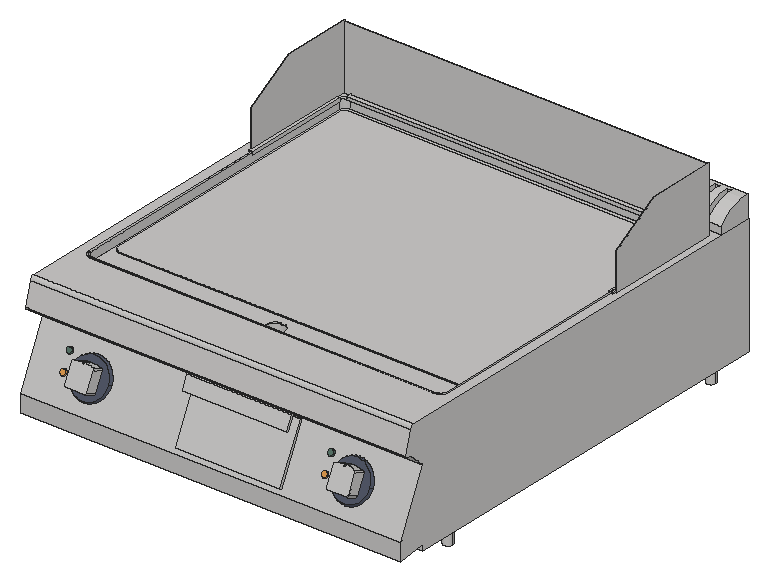
Revit family "QF_ZANUSSI_392356_Z9IILDAOMCA", category Specialty Equipment, Revit 2018 (continued)
Automatic sketch dimensions
  curve 47 to curve 50 = 0 mm
  curve 123 to curve 119 = 0 mm
  curve 127 to curve 123 = 0 mm
  curve 44 to curve 46 = 0 mm
  curve 30 to curve 39 = 19.479 mm
  curve 131 to curve 131 = 57.15 mm
  curve 131 to curve 135 = 0 mm
  curve 153 to curve 129 = 0 mm
  curve 137 to curve 139 = 0 mm
  curve 149 to curve 152 = 0 mm
  curve 143 to curve 148 = 0 mm
  plane 1 "BACK" to curve 151 = 6.761 mm
  plane 1 "BACK" to curve 129 = 6.761 mm
  plane 1 "BACK" to curve 110 = 6.761 mm
  plane 1 "BACK" to curve 85 = 6.761 mm
  plane 1 "BACK" to curve 76 = 6.761 mm
  plane 1 "BACK" to curve 73 = 6.761 mm
  plane 1 "BACK" to curve 67 = 6.761 mm
  plane 1 "BACK" to curve 64 = 6.761 mm
  plane 1 "BACK" to curve 60 = 6.761 mm
  plane 1 "BACK" to curve 56 = 6.761 mm
  plane 1 "BACK" to curve 48 = 6.761 mm
  curve 1 to plane 1 "BACK" = 100 mm
  curve 13 to curve 32 = 3.351 mm
  curve 161 to curve 158 = 9.809 mm
  curve 163 to curve 162 = 0.284 mm
  curve 171 to curve 172 = 0.284 mm
  curve 167 to curve 170 = 9.809 mm
  curve 95 to plane 7 "Center Y" = 20 mm
  curve 186 to curve 183 = 9.809 mm
  curve 188 to curve 187 = 0.284 mm
  curve 178 to curve 179 = 0.284 mm
  curve 174 to curve 177 = 9.809 mm
  curve 31 to curve 14 = 3.351 mm
  curve 96 to curve 14 = 0 mm
  curve 194 to plane 5 "FRONT" = 0 mm
  curve 187 to curve 187 = 0.567 mm
  curve 178 to curve 178 = 0.567 mm
  curve 162 to curve 162 = 0.567 mm
  curve 171 to curve 171 = 0.567 mm
  curve 171 to curve 170 = 1.156 mm
  curve 194 to curve 196 = 15 mm
  curve 25 to curve 155 = 13.54 mm
  radius of Extrusion 2 sketch curve = 9.525 mm  (x4)
  radius of Extrusion 8 sketch curve = 6.35 mm
  radius of Extrusion 11 sketch curve = 20 mm
  radius of Blend 21 sketch curve = 42.5 mm
  radius of Blend 21 sketch curve = 40.5 mm
  radius of Split face 1 sketch curve = 1.5 mm
  radius of Split face 2 sketch curve = 1.5 mm
  radius of Split face 3 sketch curve = 1.5 mm
  radius of Split face 4 sketch curve = 1.5 mm
  radius of Split face 5 sketch curve = 1.5 mm
  radius of Split face 6 sketch curve = 1.5 mm
  radius of Split face 7 sketch curve = 1.5 mm
  radius of Split face 8 sketch curve = 1.5 mm
  radius of Split face 9 sketch curve = 1.5 mm
  radius of Extrusion 25 sketch curve = 6 mm
  radius of Extrusion 26 sketch curve = 6 mm
  radius of Blend 27 sketch curve = 42.5 mm
  radius of Blend 27 sketch curve = 40.5 mm
  radius of Split face 10 sketch curve = 1.5 mm
  radius of Split face 11 sketch curve = 1.5 mm
  radius of Split face 12 sketch curve = 1.5 mm
  radius of Split face 13 sketch curve = 1.5 mm
  radius of Split face 14 sketch curve = 1.5 mm
  radius of Split face 15 sketch curve = 1.5 mm
  radius of Split face 16 sketch curve = 1.5 mm
  radius of Split face 17 sketch curve = 1.5 mm
  radius of Split face 18 sketch curve = 1.5 mm
  radius of Extrusion 31 sketch curve = 6 mm
  radius of Extrusion 32 sketch curve = 6 mm
Connectors
  electrical at (740, -584, 19), driven by "Volts", driven by "Watts"
    settings: on Extrusion 8, index 1, voltage 400 V, apparent load 15000 VA, apparent load phase1 0 VA, apparent load phase2 0 VA, apparent load phase3 0 VA, power factor 1, load classification "Other", number of poles 1, system type 30, power factor state 1, is connector primary yes, connector utility no, sub classification motor no, connector description "ELECTRICAL CONNECTION"
